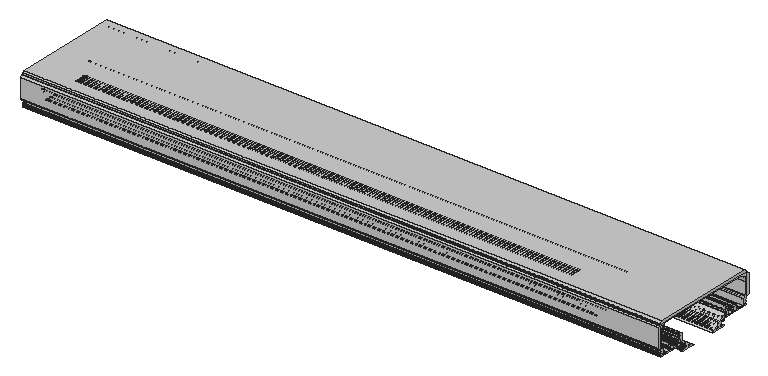
Revit family "ALS-H09", category Electrical Fixtures, host Ceiling, Revit 2018
Family settings
  Host = Ceiling
  Maintain Annotation Orientation = No
  Round Connector Dimension = Use Diameter
  Part Type = Normal
  Always vertical = Yes
  Cut with Voids When Loaded = No
  Shared = No
  Room Calculation Point = No
Parameters (values of type "ALS-H09_12 FEET-UF")
  MATERIAL = UF-UNFINISHED MILL
  Busrun Length = 12' - 0"
Reference planes (in)
  plane 1 "Center (Front/Back)": y = 0
  plane 2: z = 0
  plane 3 "Center (Left/Right)": x = 0
  plane 4 "Ceiling": z = 157.48031
  plane 5: x = -72
  plane 6: x = 72
  plane 7: x = -60
  plane 8: x = 60
Lines and regions (in)
  Opening 1
    outline origin (0, 0, 157.48031) x (1, 0, 0) y (0, 1, 0)
      loop
        line (-72, 2.72828) -> (-72, -2.72828) -> (72, -2.72828) -> (72, 2.72828) -> (-72, 2.72828)
Dimensions and locks (in)
  equal spacing: host sketch curve, plane 3 "Center (Left/Right)", host sketch curve
  equal spacing: host sketch curve, plane 1 "Center (Front/Back)", host sketch curve
  host sketch curve to host sketch curve = 13' - 1.48031"  (x2)
  plane 4 "Ceiling" to host ceiling = 0' - 0"
  equal spacing: plane 5, plane 3 "Center (Left/Right)", plane 6
  plane 5 to plane 6 = 12' - 0"
  "Busrun Length": plane 5 to plane 6
  equal spacing: plane 7, plane 3 "Center (Left/Right)", plane 8
  plane 7 to plane 8 = 10' - 0"
  aligned and locked: nested 1 to plane 1 "Center (Front/Back)"
  aligned and locked: plane 3 "Center (Left/Right)" to nested 1
  aligned and locked: nested 1 to plane 6
  aligned and locked: nested 1 to plane 5
  aligned and locked: Opening 1 sketch curve to plane 5
  aligned and locked: plane 6 to Opening 1 sketch curve
  aligned and locked: Opening 1 sketch curve to nested 1  (x2)
Nested families (in)
  nested 1: "ALSH09-BUS" at (0, 0, 157.48031), type "ALSH09-BUS"
Definition of nested family "ALSH09-BUS"
  Parameters (values of type "ALSH09-BUS")
    Busrun Material = none
    Busrun Length = 12' - 0"
  Reference planes (in)
    plane 1 "Center (Front/Back)": y = 0
    plane 2: z = 0
    plane 3 "Center (Left/Right)": x = 0
    plane 4: x = -72
    plane 5: x = 72
  Forms (in)
    Extrusion 1, solid, material <- "Busrun Material"
      sketch origin (0, 0, -0.12912) x (0, 1, 0) y (0, 0, 1)
        loop
          line (6.19999, 2.56004) -> (2.72828, 0.12912) -> (2.90263, 0.12912) -> (3.01974, 0.21112) -> (3.07, 0.21112)
          arc (3.07, 0.21112) -> (3.09, 0.19112) -> (3.11, 0.21112) r 0.02
          line (3.11, 0.21112) -> (3.15, 0.21112)
          arc (3.15, 0.21112) -> (3.17, 0.19112) -> (3.19, 0.21112) r 0.02
          line (3.19, 0.21112) -> (3.23, 0.21112)
          arc (3.23, 0.21112) -> (3.25, 0.19112) -> (3.27, 0.21112) r 0.02
          line (3.27, 0.21112) -> (3.31, 0.21112)
          arc (3.31, 0.21112) -> (3.33, 0.19112) -> (3.35, 0.21112) r 0.02
          line (3.35, 0.21112) -> (3.39, 0.21112)
          arc (3.39, 0.21112) -> (3.41, 0.19112) -> (3.43, 0.21112) r 0.02
          line (3.43, 0.21112) -> (3.47, 0.21112)
          arc (3.47, 0.21112) -> (3.49, 0.19112) -> (3.51, 0.21112) r 0.02
          line (3.51, 0.21112) -> (3.55, 0.21112)
          arc (3.55, 0.21112) -> (3.57, 0.19112) -> (3.59, 0.21112) r 0.02
          line (3.59, 0.21112) -> (3.63, 0.21112)
          arc (3.63, 0.21112) -> (3.65, 0.19112) -> (3.67, 0.21112) r 0.02
          line (3.67, 0.21112) -> (3.71, 0.21112)
          arc (3.71, 0.21112) -> (3.73, 0.19112) -> (3.75, 0.21112) r 0.02
          line (3.75, 0.21112) -> (3.79, 0.21112)
          arc (3.79, 0.21112) -> (3.81, 0.19112) -> (3.83, 0.21112) r 0.02
          line (3.83, 0.21112) -> (3.87, 0.21112)
          arc (3.87, 0.21112) -> (3.89, 0.19112) -> (3.91, 0.21112) r 0.02
          line (3.91, 0.21112) -> (3.95, 0.21112)
          arc (3.95, 0.21112) -> (3.97, 0.19112) -> (3.99, 0.21112) r 0.02
          line (3.99, 0.21112) -> (4.03, 0.21112)
          arc (4.03, 0.21112) -> (4.05, 0.19112) -> (4.07, 0.21112) r 0.02
          line (4.07, 0.21112) -> (4.11, 0.21112)
          arc (4.11, 0.21112) -> (4.13, 0.19112) -> (4.15, 0.21112) r 0.02
          line (4.15, 0.21112) -> (4.19, 0.21112)
          arc (4.19, 0.21112) -> (4.21, 0.19112) -> (4.23, 0.21112) r 0.02
          line (4.23, 0.21112) -> (4.27, 0.21112)
          arc (4.27, 0.21112) -> (4.29, 0.19112) -> (4.31, 0.21112) r 0.02
          line (4.31, 0.21112) -> (4.35, 0.21112)
          arc (4.35, 0.21112) -> (4.37, 0.19112) -> (4.39, 0.21112) r 0.02
          line (4.39, 0.21112) -> (4.43, 0.21112)
          arc (4.43, 0.21112) -> (4.45, 0.19112) -> (4.47, 0.21112) r 0.02
          line (4.47, 0.21112) -> (4.51, 0.21112)
          arc (4.51, 0.21112) -> (4.53, 0.19112) -> (4.55, 0.21112) r 0.02
          line (4.55, 0.21112) -> (4.59, 0.21112)
          arc (4.59, 0.21112) -> (4.61, 0.19112) -> (4.63, 0.21112) r 0.02
          line (4.63, 0.21112) -> (4.67, 0.21112)
          arc (4.67, 0.21112) -> (4.69, 0.19112) -> (4.71, 0.21112) r 0.02
          line (4.71, 0.21112) -> (4.75, 0.21112)
          arc (4.75, 0.21112) -> (4.77, 0.19112) -> (4.79, 0.21112) r 0.02
          line (4.79, 0.21112) -> (4.83, 0.21112)
          arc (4.83, 0.21112) -> (4.85, 0.19112) -> (4.87, 0.21112) r 0.02
          line (4.87, 0.21112) -> (4.91, 0.21112)
          arc (4.91, 0.21112) -> (4.93, 0.19112) -> (4.95, 0.21112) r 0.02
          line (4.95, 0.21112) -> (4.99, 0.21112)
          arc (4.99, 0.21112) -> (5.01, 0.19112) -> (5.03, 0.21112) r 0.02
          line (5.03, 0.21112) -> (5.07, 0.21112)
          arc (5.07, 0.21112) -> (5.09, 0.19112) -> (5.11, 0.21112) r 0.02
          line (5.11, 0.21112) -> (5.15, 0.21112)
          arc (5.15, 0.21112) -> (5.17, 0.19112) -> (5.19, 0.21112) r 0.02
          line (5.19, 0.21112) -> (5.23, 0.21112)
          arc (5.23, 0.21112) -> (5.25, 0.19112) -> (5.27, 0.21112) r 0.02
          line (5.27, 0.21112) -> (5.31, 0.21112)
          arc (5.31, 0.21112) -> (5.33, 0.19112) -> (5.35, 0.21112) r 0.02
          line (5.35, 0.21112) -> (5.39, 0.21112)
          arc (5.39, 0.21112) -> (5.41, 0.19112) -> (5.43, 0.21112) r 0.02
          line (5.43, 0.21112) -> (5.47, 0.21112)
          arc (5.47, 0.21112) -> (5.49, 0.19112) -> (5.51, 0.21112) r 0.02
          line (5.51, 0.21112) -> (5.55, 0.21112)
          arc (5.55, 0.21112) -> (5.57, 0.19112) -> (5.59, 0.21112) r 0.02
          line (5.59, 0.21112) -> (5.63, 0.21112)
          arc (5.63, 0.21112) -> (5.65, 0.19112) -> (5.67, 0.21112) r 0.02
          line (5.67, 0.21112) -> (5.71, 0.21112)
          arc (5.71, 0.21112) -> (5.73, 0.19112) -> (5.75001, 0.21112) r 0.02
          line (5.75001, 0.21112) -> (5.75001, 0.31614)
          arc (5.75001, 0.31614) -> (5.74415, 0.33029) -> (5.72999, 0.33616) r 0.02002
          line (5.72999, 0.33616) -> (5.68993, 0.33616)
          arc (5.68993, 0.33616) -> (5.67563, 0.33028) -> (5.6697, 0.316) r 0.02015
          arc (5.6697, 0.316) -> (5.66596, 0.29878) -> (5.65011, 0.29108) r 0.02016
          line (5.65011, 0.29108) -> (4.841, 0.29108)
          arc (4.841, 0.29108) -> (4.82685, 0.29694) -> (4.82099, 0.31109) r 0.02001
          line (4.82099, 0.31109) -> (4.82099, 0.43112) -> (4.761, 0.43112) -> (4.761, 0.29112) -> (4.571, 0.29112) -> (4.571, 1.29733) -> (4.71907, 1.40101)
          arc (4.71907, 1.40101) -> (4.73402, 1.40433) -> (4.74693, 1.3961) r 0.02
          line (4.74693, 1.3961) -> (4.83297, 1.27323)
          arc (4.83297, 1.27323) -> (4.83628, 1.25827) -> (4.82804, 1.24536) r 0.02
          line (4.82804, 1.24536) -> (4.761, 1.19842) -> (4.761, 1.13112) -> (4.7088, 1.13112) -> (4.7088, 1.07112) -> (4.761, 1.07112) -> (4.761, 0.93112) -> (4.821, 0.93112) -> (4.821, 1.16719) -> (5.05907, 1.33388) -> (5.02465, 1.38303) -> (4.92635, 1.3142)
          arc (4.92635, 1.3142) -> (4.91141, 1.31089) -> (4.8985, 1.31911) r 0.02
          line (4.8985, 1.31911) -> (4.81246, 1.44199)
          arc (4.81246, 1.44199) -> (4.80915, 1.45693) -> (4.81737, 1.46984) r 0.02
          line (4.81737, 1.46984) -> (5.43993, 1.90576) -> (5.53739, 1.76657)
          arc (5.53739, 1.76657) -> (5.54076, 1.7516) -> (5.53252, 1.73865) r 0.02
          line (5.53252, 1.73865) -> (5.43423, 1.66982) -> (5.46864, 1.62067) -> (5.6232, 1.7289) -> (5.6232, 1.78349) -> (5.51697, 1.93521)
          arc (5.51697, 1.93521) -> (5.51361, 1.95014) -> (5.52179, 1.96308) r 0.02
          line (5.52179, 1.96308) -> (5.64743, 2.05105) -> (5.741, 2.05105)
          arc (5.741, 2.05105) -> (5.75514, 2.04519) -> (5.761, 2.03104) r 0.02001
          line (5.761, 2.03104) -> (5.761, 1.82107)
          arc (5.761, 1.82107) -> (5.801, 1.78107) -> (5.841, 1.82107) r 0.04
          line (5.841, 1.82107) -> (5.841, 2.03112)
          arc (5.841, 2.03112) -> (5.84688, 2.04523) -> (5.861, 2.05107) r 0.02
          line (5.861, 2.05107) -> (6.51005, 2.05107)
          arc (6.51005, 2.05107) -> (6.55, 2.09109) -> (6.51, 2.13107) r 0.04
          line (6.51, 2.13107) -> (5.82518, 2.13107)
          arc (5.82518, 2.13107) -> (5.80606, 2.14504) -> (5.81368, 2.16746) r 0.02
          line (5.81368, 2.16746) -> (6.3, 2.50799) -> (6.3, 2.59099)
          arc (6.3, 2.59099) -> (6.30583, 2.60518) -> (6.32, 2.61107) r 0.02
          arc (6.32, 2.61107) -> (6.35999, 2.65106) -> (6.32, 2.69105) r 0.03999
          arc (6.32, 2.69105) -> (6.30587, 2.6969) -> (6.30002, 2.71103) r 0.01999
          line (6.30002, 2.71103) -> (6.30002, 3.04114)
          arc (6.30002, 3.04114) -> (6.3059, 3.05524) -> (6.32003, 3.06107) r 0.02001
          line (6.32003, 3.06107) -> (6.44992, 3.06107)
          arc (6.44992, 3.06107) -> (6.46412, 3.05524) -> (6.47, 3.04107) r 0.02
          line (6.47, 3.04107) -> (6.47, 2.85099)
          arc (6.47, 2.85099) -> (6.51005, 2.81109) -> (6.55, 2.85109) r 0.04
          line (6.55, 2.85109) -> (6.55, 3.28107) -> (6.49002, 3.28107) -> (6.49002, 3.16106)
          arc (6.49002, 3.16106) -> (6.48416, 3.14691) -> (6.47002, 3.14105) r 0.02001
          line (6.47002, 3.14105) -> (6.31996, 3.14105)
          arc (6.31996, 3.14105) -> (6.30585, 3.14692) -> (6.30001, 3.16104) r 0.01999
          line (6.30001, 3.16104) -> (6.30001, 3.92107) -> (6.49, 3.92107) -> (6.49, 3.78107) -> (6.55, 3.78107) -> (6.55, 3.98103)
          arc (6.55, 3.98103) -> (6.54415, 3.99519) -> (6.53, 4.00105) r 0.01999
          line (6.53, 4.00105) -> (6.22, 4.00105)
          arc (6.22, 4.00105) -> (6.20585, 3.99519) -> (6.19999, 3.98104) r 0.02001
          line (6.19999, 3.98104) -> (6.19999, 2.56004)
        loop
          arc (4.31692, 0.73775) -> (4.30723, 0.7516) -> (4.31161, 0.76793) r 0.02
          arc (4.31161, 0.76793) -> (4.38142, 0.81188) -> (4.46377, 0.807) r 0.135
          arc (4.46377, 0.807) -> (4.4823, 0.80915) -> (4.491, 0.82565) r 0.02
          line (4.491, 0.82565) -> (4.491, 1.20289)
          arc (4.491, 1.20289) -> (4.48023, 1.22063) -> (4.45953, 1.21928) r 0.02
          line (4.45953, 1.21928) -> (3.18595, 0.32751)
          arc (3.18595, 0.32751) -> (3.17835, 0.30511) -> (3.19742, 0.29112) r 0.02
          line (3.19742, 0.29112) -> (4.471, 0.29112)
          arc (4.471, 0.29112) -> (4.48514, 0.29698) -> (4.491, 0.31112) r 0.02
          line (4.491, 0.31112) -> (4.491, 0.53659)
          arc (4.491, 0.53659) -> (4.4823, 0.55309) -> (4.46377, 0.55524) r 0.02
          arc (4.46377, 0.55524) -> (4.38142, 0.55037) -> (4.31161, 0.59432) r 0.135
          arc (4.31161, 0.59432) -> (4.30723, 0.61065) -> (4.31692, 0.6245) r 0.02
          arc (4.31692, 0.6245) -> (4.33648, 0.639) -> (4.3594, 0.63079) r 0.02581
          arc (4.3594, 0.63079) -> (4.49, 0.68112) -> (4.3594, 0.73146) r 0.075
          arc (4.3594, 0.73146) -> (4.33648, 0.72325) -> (4.31692, 0.73775) r 0.02581
        loop
          arc (6.88184, 2.33146) -> (6.89817, 2.33584) -> (6.90531, 2.35116) r 0.02
          arc (6.90531, 2.35116) -> (6.90309, 2.37549) -> (6.89653, 2.39903) r 0.135
          arc (6.89653, 2.39903) -> (6.89876, 2.41749) -> (6.91523, 2.42613) r 0.02
          line (6.91523, 2.42613) -> (6.99736, 2.42613)
          arc (6.99736, 2.42613) -> (7.01148, 2.43201) -> (7.01733, 2.44615) r 0.02001
          line (7.01733, 2.44615) -> (7.01733, 2.48606)
          arc (7.01733, 2.48606) -> (7.0115, 2.50024) -> (6.99733, 2.50612) r 0.02
          line (6.99733, 2.50612) -> (6.71532, 2.50612)
          arc (6.71532, 2.50612) -> (6.70118, 2.51198) -> (6.69532, 2.52612) r 0.02
          line (6.69532, 2.52612) -> (6.69532, 2.55912)
          arc (6.69532, 2.55912) -> (6.70118, 2.57327) -> (6.71533, 2.57913) r 0.02001
          line (6.71533, 2.57913) -> (6.79331, 2.57913)
          arc (6.79331, 2.57913) -> (6.80745, 2.58499) -> (6.8133, 2.59912) r 0.01999
          line (6.8133, 2.59912) -> (6.8133, 3.48912)
          arc (6.8133, 3.48912) -> (6.80744, 3.50326) -> (6.79329, 3.50912) r 0.02001
          line (6.79329, 3.50912) -> (6.73325, 3.50912)
          arc (6.73325, 3.50912) -> (6.71915, 3.50323) -> (6.71331, 3.48911) r 0.02001
          line (6.71331, 3.48911) -> (6.71331, 2.69912)
          arc (6.71331, 2.69912) -> (6.70745, 2.68498) -> (6.69331, 2.67912) r 0.02
          line (6.69331, 2.67912) -> (6.48031, 2.67912)
          arc (6.48031, 2.67912) -> (6.46617, 2.68497) -> (6.46032, 2.69911) r 0.01999
          line (6.46032, 2.69911) -> (6.46032, 3.00112)
          arc (6.46032, 3.00112) -> (6.41532, 3.04613) -> (6.37031, 3.00112) r 0.045
          line (6.37031, 3.00112) -> (6.37031, 2.59912)
          arc (6.37031, 2.59912) -> (6.37617, 2.58497) -> (6.39032, 2.57911) r 0.02001
          line (6.39032, 2.57911) -> (6.57536, 2.57911)
          arc (6.57536, 2.57911) -> (6.58948, 2.57323) -> (6.59532, 2.5591) r 0.02001
          line (6.59532, 2.5591) -> (6.59532, 2.06106)
          arc (6.59532, 2.06106) -> (6.58944, 2.04696) -> (6.57532, 2.04112) r 0.02
          line (6.57532, 2.04112) -> (5.87128, 2.04112)
          arc (5.87128, 2.04112) -> (5.85716, 2.03525) -> (5.85132, 2.02112) r 0.02
          line (5.85132, 2.02112) -> (5.85132, 1.79105)
          arc (5.85132, 1.79105) -> (5.84544, 1.77696) -> (5.83132, 1.77112) r 0.02
          line (5.83132, 1.77112) -> (5.77132, 1.77112)
          arc (5.77132, 1.77112) -> (5.75718, 1.77698) -> (5.75132, 1.79113) r 0.02
          line (5.75132, 1.79113) -> (5.75132, 2.00122)
          arc (5.75132, 2.00122) -> (5.71127, 2.04112) -> (5.67132, 2.00112) r 0.04
          line (5.67132, 2.00112) -> (5.67132, 1.21113)
          arc (5.67132, 1.21113) -> (5.67717, 1.19699) -> (5.69131, 1.19114) r 0.01999
          line (5.69131, 1.19114) -> (5.73131, 1.19114)
          arc (5.73131, 1.19114) -> (5.74546, 1.197) -> (5.75132, 1.21115) r 0.02001
          line (5.75132, 1.21115) -> (5.75132, 1.67112)
          arc (5.75132, 1.67112) -> (5.75718, 1.68526) -> (5.77132, 1.69112) r 0.02
          line (5.77132, 1.69112) -> (6.09131, 1.69112) -> (6.09131, 1.75112) -> (5.95131, 1.75112) -> (5.95131, 1.94112) -> (6.73131, 1.94112) -> (6.73131, 1.75112) -> (6.59131, 1.75112) -> (6.59131, 1.69112) -> (8.67131, 1.69112) -> (8.67131, 1.87291) -> (8.77304, 2.0491) -> (9.05535, 2.0491)
          arc (9.05535, 2.0491) -> (9.06947, 2.04323) -> (9.07532, 2.02909) r 0.02001
          line (9.07532, 2.02909) -> (9.07532, 1.71112)
          arc (9.07532, 1.71112) -> (9.08118, 1.69698) -> (9.09532, 1.69113) r 0.02
          line (9.09532, 1.69113) -> (12.00031, 1.69113) -> (12.00031, 1.81612) -> (11.92095, 1.81612) -> (11.92095, 1.75612) -> (11.50031, 1.75612) -> (11.50031, 2.64112) -> (11.65031, 2.64112) -> (11.65031, 2.24913) -> (12.00031, 2.24913) -> (12.00031, 2.46912) -> (11.94031, 2.46912) -> (11.94031, 2.32912) -> (11.75031, 2.32912) -> (11.75031, 3.10912) -> (11.94031, 3.10912) -> (11.94031, 2.96912) -> (12.00031, 2.96912) -> (12.00031, 3.18912) -> (11.73031, 3.18912) -> (11.73031, 3.31412) -> (12.00031, 3.31412) -> (12.00031, 3.39538) -> (11.73031, 3.39538) -> (11.73031, 3.55286) -> (12.00031, 3.55286) -> (12.00031, 3.63412) -> (11.65031, 3.63412) -> (11.65031, 2.74112) -> (11.48031, 2.74112) -> (11.48031, 2.9822) -> (11.43769, 3.05603)
          arc (11.43769, 3.05603) -> (11.41516, 3.06536) -> (11.40031, 3.04602) r 0.02003
          line (11.40031, 3.04602) -> (11.40031, 1.79112) -> (10.39781, 1.79112) -> (10.39781, 1.85612) -> (10.33781, 1.85612) -> (10.33781, 1.75612) -> (10.23781, 1.75612) -> (10.23781, 1.85612) -> (10.17781, 1.85612) -> (10.17781, 1.79111) -> (9.19531, 1.79111)
          arc (9.19531, 1.79111) -> (9.18118, 1.79696) -> (9.17532, 1.8111) r 0.01999
          line (9.17532, 1.8111) -> (9.17532, 2.12912)
          arc (9.17532, 2.12912) -> (9.16947, 2.14325) -> (9.15534, 2.14911) r 0.01999
          line (9.15534, 2.14911) -> (9.05531, 2.14911)
          arc (9.05531, 2.14911) -> (9.04118, 2.15496) -> (9.03532, 2.16909) r 0.01999
          line (9.03532, 2.16909) -> (9.03532, 2.40603)
          arc (9.03532, 2.40603) -> (9.04115, 2.42023) -> (9.05532, 2.42612) r 0.02
          line (9.05532, 2.42612) -> (9.15526, 2.42612)
          arc (9.15526, 2.42612) -> (9.16944, 2.43196) -> (9.17531, 2.44612) r 0.02
          line (9.17531, 2.44612) -> (9.17531, 3.04612)
          arc (9.17531, 3.04612) -> (9.16044, 3.06546) -> (9.13794, 3.05603) r 0.02
          line (9.13794, 3.05603) -> (9.09531, 2.9822) -> (9.09531, 2.50612) -> (8.95406, 2.50612) -> (8.95406, 2.16912)
          arc (8.95406, 2.16912) -> (8.9482, 2.15497) -> (8.93405, 2.14911) r 0.02001
          line (8.93405, 2.14911) -> (8.81657, 2.14911)
          arc (8.81657, 2.14911) -> (8.80244, 2.15496) -> (8.79659, 2.16909) r 0.01998
          line (8.79659, 2.16909) -> (8.79659, 2.50612) -> (8.71531, 2.50612) -> (8.71531, 2.14912) -> (8.57131, 1.89971) -> (8.57131, 1.79112) -> (7.15631, 1.79112) -> (7.15631, 1.89971) -> (7.03205, 2.11494) -> (6.98009, 2.08494) -> (7.09632, 1.88363) -> (7.09632, 1.81112)
          arc (7.09632, 1.81112) -> (7.09046, 1.79698) -> (7.07631, 1.79112) r 0.02
          line (7.07631, 1.79112) -> (6.85131, 1.79112)
          arc (6.85131, 1.79112) -> (6.83716, 1.79698) -> (6.8313, 1.81113) r 0.02
          line (6.8313, 1.81113) -> (6.8313, 2.02113)
          arc (6.8313, 2.02113) -> (6.82545, 2.03528) -> (6.8113, 2.04113) r 0.02
          line (6.8113, 2.04113) -> (6.71531, 2.04113)
          arc (6.71531, 2.04113) -> (6.70117, 2.04699) -> (6.69532, 2.06113) r 0.01999
          line (6.69532, 2.06113) -> (6.69532, 2.20621)
          arc (6.69532, 2.20621) -> (6.70396, 2.22267) -> (6.72241, 2.22491) r 0.02
          arc (6.72241, 2.22491) -> (6.75761, 2.21672) -> (6.79372, 2.21817) r 0.135
          arc (6.79372, 2.21817) -> (6.80757, 2.22786) -> (6.80905, 2.24471) r 0.02
          arc (6.80905, 2.24471) -> (6.79975, 2.26715) -> (6.7773, 2.27645) r 0.03174
          arc (6.7773, 2.27645) -> (6.71393, 2.40057) -> (6.84526, 2.35394) r 0.075
          arc (6.84526, 2.35394) -> (6.85754, 2.33292) -> (6.88184, 2.33146) r 0.02581
        loop
          line (-6.19999, 2.56004) -> (-6.19999, 3.98104)
          arc (-6.19999, 3.98104) -> (-6.20585, 3.99519) -> (-6.22001, 4.00105) r 0.02001
          line (-6.22001, 4.00105) -> (-6.53, 4.00105)
          arc (-6.53, 4.00105) -> (-6.54415, 3.99519) -> (-6.55, 3.98103) r 0.01999
          line (-6.55, 3.98103) -> (-6.55, 3.78107) -> (-6.49, 3.78107) -> (-6.49, 3.92107) -> (-6.30001, 3.92107) -> (-6.30001, 3.16104)
          arc (-6.30001, 3.16104) -> (-6.30585, 3.14692) -> (-6.31996, 3.14105) r 0.01999
          line (-6.31996, 3.14105) -> (-6.47002, 3.14105)
          arc (-6.47002, 3.14105) -> (-6.48416, 3.14691) -> (-6.49002, 3.16106) r 0.02001
          line (-6.49002, 3.16106) -> (-6.49002, 3.28107) -> (-6.55, 3.28107) -> (-6.55, 2.85109)
          arc (-6.55, 2.85109) -> (-6.51005, 2.81109) -> (-6.47, 2.85099) r 0.04
          line (-6.47, 2.85099) -> (-6.47, 3.04107)
          arc (-6.47, 3.04107) -> (-6.46412, 3.05524) -> (-6.44992, 3.06107) r 0.02
          line (-6.44992, 3.06107) -> (-6.32003, 3.06107)
          arc (-6.32003, 3.06107) -> (-6.3059, 3.05524) -> (-6.30002, 3.04114) r 0.02001
          line (-6.30002, 3.04114) -> (-6.30002, 2.71103)
          arc (-6.30002, 2.71103) -> (-6.30587, 2.6969) -> (-6.32, 2.69105) r 0.01999
          arc (-6.32, 2.69105) -> (-6.35999, 2.65106) -> (-6.32, 2.61107) r 0.03999
          arc (-6.32, 2.61107) -> (-6.30583, 2.60518) -> (-6.3, 2.59099) r 0.02
          line (-6.3, 2.59099) -> (-6.3, 2.50799) -> (-5.81368, 2.16746)
          arc (-5.81368, 2.16746) -> (-5.80606, 2.14504) -> (-5.82518, 2.13107) r 0.02
          line (-5.82518, 2.13107) -> (-6.51, 2.13107)
          arc (-6.51, 2.13107) -> (-6.55, 2.09109) -> (-6.51005, 2.05107) r 0.04
          line (-6.51005, 2.05107) -> (-5.861, 2.05107)
          arc (-5.861, 2.05107) -> (-5.84688, 2.04523) -> (-5.841, 2.03112) r 0.02
          line (-5.841, 2.03112) -> (-5.841, 1.82107)
          arc (-5.841, 1.82107) -> (-5.801, 1.78107) -> (-5.761, 1.82107) r 0.04
          line (-5.761, 1.82107) -> (-5.761, 2.03104)
          arc (-5.761, 2.03104) -> (-5.75514, 2.04519) -> (-5.741, 2.05105) r 0.02001
          line (-5.741, 2.05105) -> (-5.64743, 2.05105) -> (-5.52179, 1.96308)
          arc (-5.52179, 1.96308) -> (-5.51361, 1.95014) -> (-5.51697, 1.93521) r 0.02
          line (-5.51697, 1.93521) -> (-5.6232, 1.78349) -> (-5.6232, 1.7289) -> (-5.46864, 1.62067) -> (-5.43423, 1.66982) -> (-5.53252, 1.73865)
          arc (-5.53252, 1.73865) -> (-5.54076, 1.7516) -> (-5.53739, 1.76657) r 0.02
          line (-5.53739, 1.76657) -> (-5.43993, 1.90576) -> (-4.81737, 1.46984)
          arc (-4.81737, 1.46984) -> (-4.80915, 1.45693) -> (-4.81246, 1.44199) r 0.02
          line (-4.81246, 1.44199) -> (-4.8985, 1.31911)
          arc (-4.8985, 1.31911) -> (-4.91141, 1.31089) -> (-4.92635, 1.3142) r 0.02
          line (-4.92635, 1.3142) -> (-5.02465, 1.38303) -> (-5.05907, 1.33388) -> (-4.821, 1.16719) -> (-4.821, 0.93112) -> (-4.761, 0.93112) -> (-4.761, 1.07112) -> (-4.7088, 1.07112) -> (-4.7088, 1.13112) -> (-4.761, 1.13112) -> (-4.761, 1.19842) -> (-4.82804, 1.24536)
          arc (-4.82804, 1.24536) -> (-4.83628, 1.25827) -> (-4.83297, 1.27323) r 0.02
          line (-4.83297, 1.27323) -> (-4.74693, 1.3961)
          arc (-4.74693, 1.3961) -> (-4.73402, 1.40433) -> (-4.71907, 1.40101) r 0.02
          line (-4.71907, 1.40101) -> (-4.571, 1.29733) -> (-4.571, 0.29112) -> (-4.761, 0.29112) -> (-4.761, 0.43112) -> (-4.82099, 0.43112) -> (-4.82099, 0.31109)
          arc (-4.82099, 0.31109) -> (-4.82686, 0.29694) -> (-4.84101, 0.29108) r 0.02001
          line (-4.84101, 0.29108) -> (-5.65011, 0.29108)
          arc (-5.65011, 0.29108) -> (-5.66596, 0.29878) -> (-5.6697, 0.316) r 0.02016
          arc (-5.6697, 0.316) -> (-5.67563, 0.33028) -> (-5.68993, 0.33616) r 0.02015
          line (-5.68993, 0.33616) -> (-5.72999, 0.33616)
          arc (-5.72999, 0.33616) -> (-5.74415, 0.33029) -> (-5.75001, 0.31614) r 0.02002
          line (-5.75001, 0.31614) -> (-5.75001, 0.21112)
          arc (-5.75001, 0.21112) -> (-5.73, 0.19112) -> (-5.71, 0.21112) r 0.02
          line (-5.71, 0.21112) -> (-5.67, 0.21112)
          arc (-5.67, 0.21112) -> (-5.65, 0.19112) -> (-5.63, 0.21112) r 0.02
          line (-5.63, 0.21112) -> (-5.59, 0.21112)
          arc (-5.59, 0.21112) -> (-5.57, 0.19112) -> (-5.55, 0.21112) r 0.02
          line (-5.55, 0.21112) -> (-5.51, 0.21112)
          arc (-5.51, 0.21112) -> (-5.49, 0.19112) -> (-5.47, 0.21112) r 0.02
          line (-5.47, 0.21112) -> (-5.43, 0.21112)
          arc (-5.43, 0.21112) -> (-5.41, 0.19112) -> (-5.39, 0.21112) r 0.02
          line (-5.39, 0.21112) -> (-5.35, 0.21112)
          arc (-5.35, 0.21112) -> (-5.33, 0.19112) -> (-5.31, 0.21112) r 0.02
          line (-5.31, 0.21112) -> (-5.27, 0.21112)
          arc (-5.27, 0.21112) -> (-5.25, 0.19112) -> (-5.23, 0.21112) r 0.02
          line (-5.23, 0.21112) -> (-5.19, 0.21112)
          arc (-5.19, 0.21112) -> (-5.17, 0.19112) -> (-5.15, 0.21112) r 0.02
          line (-5.15, 0.21112) -> (-5.11, 0.21112)
          arc (-5.11, 0.21112) -> (-5.09, 0.19112) -> (-5.07, 0.21112) r 0.02
          line (-5.07, 0.21112) -> (-5.03, 0.21112)
          arc (-5.03, 0.21112) -> (-5.01, 0.19112) -> (-4.99, 0.21112) r 0.02
          line (-4.99, 0.21112) -> (-4.95, 0.21112)
          arc (-4.95, 0.21112) -> (-4.93, 0.19112) -> (-4.91, 0.21112) r 0.02
          line (-4.91, 0.21112) -> (-4.87, 0.21112)
          arc (-4.87, 0.21112) -> (-4.85, 0.19112) -> (-4.83, 0.21112) r 0.02
          line (-4.83, 0.21112) -> (-4.79, 0.21112)
          arc (-4.79, 0.21112) -> (-4.77, 0.19112) -> (-4.75, 0.21112) r 0.02
          line (-4.75, 0.21112) -> (-4.71, 0.21112)
          arc (-4.71, 0.21112) -> (-4.69, 0.19112) -> (-4.67, 0.21112) r 0.02
          line (-4.67, 0.21112) -> (-4.63, 0.21112)
          arc (-4.63, 0.21112) -> (-4.61, 0.19112) -> (-4.59, 0.21112) r 0.02
          line (-4.59, 0.21112) -> (-4.55, 0.21112)
          arc (-4.55, 0.21112) -> (-4.53, 0.19112) -> (-4.51, 0.21112) r 0.02
          line (-4.51, 0.21112) -> (-4.47, 0.21112)
          arc (-4.47, 0.21112) -> (-4.45, 0.19112) -> (-4.43, 0.21112) r 0.02
          line (-4.43, 0.21112) -> (-4.39, 0.21112)
          arc (-4.39, 0.21112) -> (-4.37, 0.19112) -> (-4.35, 0.21112) r 0.02
          line (-4.35, 0.21112) -> (-4.31, 0.21112)
          arc (-4.31, 0.21112) -> (-4.29, 0.19112) -> (-4.27, 0.21112) r 0.02
          line (-4.27, 0.21112) -> (-4.23, 0.21112)
          arc (-4.23, 0.21112) -> (-4.21, 0.19112) -> (-4.19, 0.21112) r 0.02
          line (-4.19, 0.21112) -> (-4.15, 0.21112)
          arc (-4.15, 0.21112) -> (-4.13, 0.19112) -> (-4.11, 0.21112) r 0.02
          line (-4.11, 0.21112) -> (-4.07, 0.21112)
          arc (-4.07, 0.21112) -> (-4.05, 0.19112) -> (-4.03, 0.21112) r 0.02
          line (-4.03, 0.21112) -> (-3.99, 0.21112)
          arc (-3.99, 0.21112) -> (-3.97, 0.19112) -> (-3.95, 0.21112) r 0.02
          line (-3.95, 0.21112) -> (-3.91, 0.21112)
          arc (-3.91, 0.21112) -> (-3.89, 0.19112) -> (-3.87, 0.21112) r 0.02
          line (-3.87, 0.21112) -> (-3.83, 0.21112)
          arc (-3.83, 0.21112) -> (-3.81, 0.19112) -> (-3.79, 0.21112) r 0.02
          line (-3.79, 0.21112) -> (-3.75, 0.21112)
          arc (-3.75, 0.21112) -> (-3.73, 0.19112) -> (-3.71, 0.21112) r 0.02
          line (-3.71, 0.21112) -> (-3.67, 0.21112)
          arc (-3.67, 0.21112) -> (-3.65, 0.19112) -> (-3.63, 0.21112) r 0.02
          line (-3.63, 0.21112) -> (-3.59, 0.21112)
          arc (-3.59, 0.21112) -> (-3.57, 0.19112) -> (-3.55, 0.21112) r 0.02
          line (-3.55, 0.21112) -> (-3.51, 0.21112)
          arc (-3.51, 0.21112) -> (-3.49, 0.19112) -> (-3.47, 0.21112) r 0.02
          line (-3.47, 0.21112) -> (-3.43, 0.21112)
          arc (-3.43, 0.21112) -> (-3.41, 0.19112) -> (-3.39, 0.21112) r 0.02
          line (-3.39, 0.21112) -> (-3.35, 0.21112)
          arc (-3.35, 0.21112) -> (-3.33, 0.19112) -> (-3.31, 0.21112) r 0.02
          line (-3.31, 0.21112) -> (-3.27, 0.21112)
          arc (-3.27, 0.21112) -> (-3.25, 0.19112) -> (-3.23, 0.21112) r 0.02
          line (-3.23, 0.21112) -> (-3.19, 0.21112)
          arc (-3.19, 0.21112) -> (-3.17, 0.19112) -> (-3.15, 0.21112) r 0.02
          line (-3.15, 0.21112) -> (-3.11, 0.21112)
          arc (-3.11, 0.21112) -> (-3.09, 0.19112) -> (-3.07, 0.21112) r 0.02
          line (-3.07, 0.21112) -> (-3.01974, 0.21112) -> (-2.90263, 0.12912) -> (-2.72828, 0.12912) -> (-6.19999, 2.56004)
        loop
          arc (-4.31692, 0.73775) -> (-4.33648, 0.72325) -> (-4.3594, 0.73146) r 0.02581
          arc (-4.3594, 0.73146) -> (-4.49, 0.68112) -> (-4.3594, 0.63079) r 0.075
          arc (-4.3594, 0.63079) -> (-4.33648, 0.639) -> (-4.31692, 0.6245) r 0.02581
          arc (-4.31692, 0.6245) -> (-4.30723, 0.61065) -> (-4.31161, 0.59432) r 0.02
          arc (-4.31161, 0.59432) -> (-4.38142, 0.55037) -> (-4.46377, 0.55524) r 0.135
          arc (-4.46377, 0.55524) -> (-4.4823, 0.55309) -> (-4.491, 0.53659) r 0.02
          line (-4.491, 0.53659) -> (-4.491, 0.31112)
          arc (-4.491, 0.31112) -> (-4.48514, 0.29698) -> (-4.471, 0.29112) r 0.02
          line (-4.471, 0.29112) -> (-3.19742, 0.29112)
          arc (-3.19742, 0.29112) -> (-3.17835, 0.30511) -> (-3.18595, 0.32751) r 0.02
          line (-3.18595, 0.32751) -> (-4.45953, 1.21928)
          arc (-4.45953, 1.21928) -> (-4.48023, 1.22063) -> (-4.491, 1.20289) r 0.02
          line (-4.491, 1.20289) -> (-4.491, 0.82565)
          arc (-4.491, 0.82565) -> (-4.4823, 0.80915) -> (-4.46377, 0.807) r 0.02
          arc (-4.46377, 0.807) -> (-4.38142, 0.81188) -> (-4.31161, 0.76793) r 0.135
          arc (-4.31161, 0.76793) -> (-4.30723, 0.7516) -> (-4.31692, 0.73775) r 0.02
        loop
          arc (-6.88184, 2.33146) -> (-6.85754, 2.33292) -> (-6.84526, 2.35394) r 0.02581
          arc (-6.84526, 2.35394) -> (-6.71393, 2.40057) -> (-6.7773, 2.27645) r 0.075
          arc (-6.7773, 2.27645) -> (-6.79975, 2.26715) -> (-6.80905, 2.24471) r 0.03174
          arc (-6.80905, 2.24471) -> (-6.80757, 2.22786) -> (-6.79372, 2.21817) r 0.02
          arc (-6.79372, 2.21817) -> (-6.75761, 2.21672) -> (-6.72241, 2.22491) r 0.135
          arc (-6.72241, 2.22491) -> (-6.70396, 2.22267) -> (-6.69532, 2.20621) r 0.02
          line (-6.69532, 2.20621) -> (-6.69532, 2.06113)
          arc (-6.69532, 2.06113) -> (-6.70117, 2.04699) -> (-6.71531, 2.04113) r 0.01999
          line (-6.71531, 2.04113) -> (-6.8113, 2.04113)
          arc (-6.8113, 2.04113) -> (-6.82545, 2.03528) -> (-6.8313, 2.02113) r 0.02
          line (-6.8313, 2.02113) -> (-6.8313, 1.81113)
          arc (-6.8313, 1.81113) -> (-6.83716, 1.79698) -> (-6.85131, 1.79112) r 0.02
          line (-6.85131, 1.79112) -> (-7.07631, 1.79112)
          arc (-7.07631, 1.79112) -> (-7.09046, 1.79698) -> (-7.09632, 1.81112) r 0.02
          line (-7.09632, 1.81112) -> (-7.09632, 1.88363) -> (-6.98009, 2.08494) -> (-7.03205, 2.11494) -> (-7.15631, 1.89971) -> (-7.15631, 1.79112) -> (-8.57131, 1.79112) -> (-8.57131, 1.89971) -> (-8.71531, 2.14912) -> (-8.71531, 2.50612) -> (-8.79659, 2.50612) -> (-8.79659, 2.16909)
          arc (-8.79659, 2.16909) -> (-8.80244, 2.15496) -> (-8.81657, 2.14911) r 0.01998
          line (-8.81657, 2.14911) -> (-8.93405, 2.14911)
          arc (-8.93405, 2.14911) -> (-8.9482, 2.15497) -> (-8.95406, 2.16911) r 0.02001
          line (-8.95406, 2.16911) -> (-8.95406, 2.50612) -> (-9.09531, 2.50612) -> (-9.09531, 2.9822) -> (-9.13794, 3.05603)
          arc (-9.13794, 3.05603) -> (-9.16044, 3.06546) -> (-9.17531, 3.04612) r 0.02
          line (-9.17531, 3.04612) -> (-9.17531, 2.44612)
          arc (-9.17531, 2.44612) -> (-9.16944, 2.43196) -> (-9.15526, 2.42612) r 0.02
          line (-9.15526, 2.42612) -> (-9.05532, 2.42612)
          arc (-9.05532, 2.42612) -> (-9.04115, 2.42023) -> (-9.03532, 2.40603) r 0.02
          line (-9.03532, 2.40603) -> (-9.03532, 2.16909)
          arc (-9.03532, 2.16909) -> (-9.04117, 2.15496) -> (-9.05531, 2.14911) r 0.01999
          line (-9.05531, 2.14911) -> (-9.15534, 2.14911)
          arc (-9.15534, 2.14911) -> (-9.16947, 2.14325) -> (-9.17532, 2.12912) r 0.01999
          line (-9.17532, 2.12912) -> (-9.17532, 1.8111)
          arc (-9.17532, 1.8111) -> (-9.18118, 1.79696) -> (-9.19531, 1.79111) r 0.01999
          line (-9.19531, 1.79111) -> (-10.17781, 1.79111) -> (-10.17781, 1.85612) -> (-10.23781, 1.85612) -> (-10.23781, 1.75612) -> (-10.33781, 1.75612) -> (-10.33781, 1.85612) -> (-10.39781, 1.85612) -> (-10.39781, 1.79112) -> (-11.40031, 1.79112) -> (-11.40031, 3.04602)
          arc (-11.40031, 3.04602) -> (-11.41516, 3.06536) -> (-11.43769, 3.05603) r 0.02003
          line (-11.43769, 3.05603) -> (-11.48031, 2.9822) -> (-11.48031, 2.74112) -> (-11.65031, 2.74112) -> (-11.65031, 3.63412) -> (-12.00031, 3.63412) -> (-12.00031, 3.55286) -> (-11.73031, 3.55286) -> (-11.73031, 3.39538) -> (-12.00031, 3.39538) -> (-12.00031, 3.31412) -> (-11.73031, 3.31412) -> (-11.73031, 3.18912) -> (-12.00031, 3.18912) -> (-12.00031, 2.96912) -> (-11.94031, 2.96912) -> (-11.94031, 3.10912) -> (-11.75031, 3.10912) -> (-11.75031, 2.32912) -> (-11.94031, 2.32912) -> (-11.94031, 2.46912) -> (-12.00031, 2.46912) -> (-12.00031, 2.24913) -> (-11.65031, 2.24913) -> (-11.65031, 2.64112) -> (-11.50031, 2.64112) -> (-11.50031, 1.75612) -> (-11.92095, 1.75612) -> (-11.92095, 1.81612) -> (-12.00031, 1.81612) -> (-12.00031, 1.69113) -> (-9.09532, 1.69113)
          arc (-9.09532, 1.69113) -> (-9.08118, 1.69698) -> (-9.07532, 1.71112) r 0.02
          line (-9.07532, 1.71112) -> (-9.07532, 2.02909)
          arc (-9.07532, 2.02909) -> (-9.06947, 2.04323) -> (-9.05535, 2.0491) r 0.02001
          line (-9.05535, 2.0491) -> (-8.77304, 2.0491) -> (-8.67131, 1.87291) -> (-8.67131, 1.69112) -> (-6.59131, 1.69112) -> (-6.59131, 1.75112) -> (-6.73131, 1.75112) -> (-6.73131, 1.94112) -> (-5.95131, 1.94112) -> (-5.95131, 1.75112) -> (-6.09131, 1.75112) -> (-6.09131, 1.69112) -> (-5.77132, 1.69112)
          arc (-5.77132, 1.69112) -> (-5.75718, 1.68526) -> (-5.75132, 1.67112) r 0.02
          line (-5.75132, 1.67112) -> (-5.75132, 1.21115)
          arc (-5.75132, 1.21115) -> (-5.74546, 1.197) -> (-5.73131, 1.19114) r 0.02001
          line (-5.73131, 1.19114) -> (-5.69131, 1.19114)
          arc (-5.69131, 1.19114) -> (-5.67717, 1.19699) -> (-5.67132, 1.21113) r 0.01999
          line (-5.67132, 1.21113) -> (-5.67132, 2.00112)
          arc (-5.67132, 2.00112) -> (-5.71127, 2.04112) -> (-5.75132, 2.00122) r 0.04
          line (-5.75132, 2.00122) -> (-5.75132, 1.79113)
          arc (-5.75132, 1.79113) -> (-5.75718, 1.77698) -> (-5.77132, 1.77112) r 0.02
          line (-5.77132, 1.77112) -> (-5.83132, 1.77112)
          arc (-5.83132, 1.77112) -> (-5.84544, 1.77696) -> (-5.85132, 1.79105) r 0.02
          line (-5.85132, 1.79105) -> (-5.85132, 2.02112)
          arc (-5.85132, 2.02112) -> (-5.85716, 2.03525) -> (-5.87128, 2.04112) r 0.02
          line (-5.87128, 2.04112) -> (-6.57532, 2.04112)
          arc (-6.57532, 2.04112) -> (-6.58944, 2.04696) -> (-6.59532, 2.06106) r 0.02
          line (-6.59532, 2.06106) -> (-6.59532, 2.5591)
          arc (-6.59532, 2.5591) -> (-6.58948, 2.57323) -> (-6.57536, 2.57911) r 0.02001
          line (-6.57536, 2.57911) -> (-6.39032, 2.57911)
          arc (-6.39032, 2.57911) -> (-6.37617, 2.58497) -> (-6.37031, 2.59912) r 0.02001
          line (-6.37031, 2.59912) -> (-6.37031, 3.00112)
          arc (-6.37031, 3.00112) -> (-6.41532, 3.04613) -> (-6.46032, 3.00112) r 0.045
          line (-6.46032, 3.00112) -> (-6.46032, 2.69911)
          arc (-6.46032, 2.69911) -> (-6.46617, 2.68497) -> (-6.48031, 2.67912) r 0.01999
          line (-6.48031, 2.67912) -> (-6.69331, 2.67912)
          arc (-6.69331, 2.67912) -> (-6.70745, 2.68497) -> (-6.71331, 2.69912) r 0.02
          line (-6.71331, 2.69912) -> (-6.71331, 3.48911)
          arc (-6.71331, 3.48911) -> (-6.71915, 3.50323) -> (-6.73325, 3.50912) r 0.02001
          line (-6.73325, 3.50912) -> (-6.79329, 3.50912)
          arc (-6.79329, 3.50912) -> (-6.80744, 3.50326) -> (-6.8133, 3.48911) r 0.02001
          line (-6.8133, 3.48911) -> (-6.8133, 2.59912)
          arc (-6.8133, 2.59912) -> (-6.80744, 2.58499) -> (-6.79331, 2.57913) r 0.01999
          line (-6.79331, 2.57913) -> (-6.71533, 2.57913)
          arc (-6.71533, 2.57913) -> (-6.70118, 2.57327) -> (-6.69532, 2.55912) r 0.02001
          line (-6.69532, 2.55912) -> (-6.69532, 2.52612)
          arc (-6.69532, 2.52612) -> (-6.70118, 2.51198) -> (-6.71532, 2.50612) r 0.02
          line (-6.71532, 2.50612) -> (-6.99733, 2.50612)
          arc (-6.99733, 2.50612) -> (-7.0115, 2.50024) -> (-7.01733, 2.48606) r 0.02
          line (-7.01733, 2.48606) -> (-7.01733, 2.44615)
          arc (-7.01733, 2.44615) -> (-7.01148, 2.43201) -> (-6.99736, 2.42613) r 0.02001
          line (-6.99736, 2.42613) -> (-6.91523, 2.42613)
          arc (-6.91523, 2.42613) -> (-6.89876, 2.41749) -> (-6.89653, 2.39903) r 0.02
          arc (-6.89653, 2.39903) -> (-6.90309, 2.37549) -> (-6.90531, 2.35116) r 0.135
          arc (-6.90531, 2.35116) -> (-6.89817, 2.33584) -> (-6.88184, 2.33146) r 0.02
      from -72 to 72
    Extrusion 2, solid, material <- "Busrun Material"
      sketch origin (0, 0, 0) x (0, 1, 0) y (0, 0, 1)
        loop
          line (12.0625, 8.041) -> (12.0625, 3.189) -> (12.0625, 3.1255) -> (12.1135, 3.1255) -> (12.3125, 3.1255) -> (12.6875, 3.5005) -> (12.6875, 7.6875) -> (12.334, 8.041) -> (12.0625, 8.041)
        loop
          line (-12.334, 8.041) -> (-12.6875, 7.6875) -> (-12.6875, 3.5005) -> (-12.3125, 3.1255) -> (-12.1135, 3.1255) -> (-12.0625, 3.1255) -> (-12.0625, 3.189) -> (-12.0625, 6.25) -> (-12.0625, 8.041) -> (-12.1125, 8.041) -> (-12.334, 8.041)
      from -72 to 72
    Extrusion 3, solid, material <- "Busrun Material"
      sketch origin (0, 0, 0) x (0, 1, 0) y (0, 0, 1)
        loop
          line (10.25, 8.06733) -> (-10.25103, 8.06733)
          arc (-10.25103, 8.06733) -> (-11.53064, 7.5373) -> (-12.06067, 6.25769) r 1.80964
          line (-12.06067, 6.25769) -> (-12.06067, 2.96548) -> (-12.0003, 2.96548) -> (-12.0003, 3.03989)
          arc (-12.0003, 3.03989) -> (-11.99447, 3.05406) -> (-11.98033, 3.05993) r 0.01997
          line (-11.98033, 3.05993) -> (-11.75016, 3.05993)
          arc (-11.75016, 3.05993) -> (-11.73587, 3.06582) -> (-11.72995, 3.0801) r 0.02017
          line (-11.72995, 3.0801) -> (-11.72995, 3.16537)
          arc (-11.72995, 3.16537) -> (-11.73581, 3.18037) -> (-11.75065, 3.18663) r 0.02071
          line (-11.75065, 3.18663) -> (-11.999, 3.18663) -> (-12, 6.25)
          arc (-12, 6.25) -> (-11.48744, 7.48744) -> (-10.25, 8) r 1.75
          line (-10.25, 8) -> (10.25, 8)
          arc (10.25, 8) -> (11.48744, 7.48744) -> (12, 6.25) r 1.75
          line (12, 6.25) -> (11.999, 3.1865) -> (11.75025, 3.1865)
          arc (11.75025, 3.1865) -> (11.73588, 3.18023) -> (11.72997, 3.16571) r 0.0208
          line (11.72997, 3.16571) -> (11.72997, 3.07997)
          arc (11.72997, 3.07997) -> (11.73593, 3.06577) -> (11.75017, 3.0599) r 0.0202
          line (11.75017, 3.0599) -> (12.0625, 3.0599) -> (12.0625, 6.25)
          arc (12.0625, 6.25) -> (11.53163, 7.53163) -> (10.25, 8.0625) r 1.8125
      from -72 to 72
    Extrusion 4, solid, material <- "Busrun Material"
      sketch origin (0, 0, 0) x (0, 1, 0) y (0, 0, 1)
        loop
          line (12.0625, 6.25) -> (12.0625, 8.0625) -> (10.25, 8.0625)
          arc (10.25, 8.0625) -> (11.53163, 7.53163) -> (12.0625, 6.25) r 1.8125
        loop
          line (-10.38314, 8.0625) -> (-12.0625, 8.0625) -> (-12.06067, 6.25769)
          arc (-12.06067, 6.25769) -> (-11.57652, 7.4897) -> (-10.38314, 8.0625) r 1.80964
      from -72 to 72
    Extrusion 5, solid, material <- "Busrun Material"
      sketch origin (0, 0, 0) x (0, 1, 0) y (0, 0, 1)
        loop
          line (12.041, 8.334) -> (11.6875, 8.6875) -> (-11.6875, 8.6875) -> (-12.041, 8.334) -> (-12.041, 8.0625) -> (12.041, 8.0625) -> (12.041, 8.334)
      from -72 to 72
  Dimensions and locks (in)
    equal spacing: plane 4, plane 3 "Center (Left/Right)", plane 5
    "Busrun Length": plane 4 to plane 5
    aligned and locked: level to plane 2
    aligned and locked: Extrusion 1 to plane 4
    aligned and locked: Extrusion 1 to plane 5
    aligned and locked: Extrusion 2 to plane 5
    aligned and locked: Extrusion 2 to plane 4
    aligned and locked: Extrusion 5 to plane 4
    aligned and locked: Extrusion 5 to plane 5
    aligned and locked: Extrusion 3 to plane 5
    aligned and locked: Extrusion 4 to plane 5
    aligned and locked: Extrusion 3 to plane 4
    aligned and locked: Extrusion 4 to plane 4
  Automatic sketch dimensions
    Extrusion 1 sketch curve to Extrusion 1 sketch curve = 0' - 0"  (x83)
    Extrusion 1 sketch curve to level = 0' - 0"  (x2)
    level to Extrusion 1 sketch curve = 0' - 3.26626"
    plane 1 "Center (Front/Back)" to Extrusion 1 sketch curve = 1' - 0.00031"
    Extrusion 1 sketch curve to Extrusion 1 sketch curve = 0' - 0.06"  (x21)
    Extrusion 1 sketch curve to Extrusion 1 sketch curve = 0' - 0.07936"  (x2)
    Extrusion 1 sketch curve to Extrusion 1 sketch curve = 0' - 0.19"  (x3)
    Extrusion 1 sketch curve to Extrusion 1 sketch curve = 0' - 0.02"  (x105)
    Extrusion 1 sketch curve to Extrusion 1 sketch curve = 0' - 0.08"  (x18)
    Extrusion 1 sketch curve to Extrusion 1 sketch curve = 0' - 0.1"  (x15)
    Extrusion 1 sketch curve to Extrusion 1 sketch curve = 0' - 0.42063"  (x2)
    level to Extrusion 1 sketch curve = 0' - 2.85308"
    Extrusion 1 sketch curve to Extrusion 1 sketch curve = 0' - 0.17"  (x2)
    level to Extrusion 1 sketch curve = 0' - 2.92691"  (x4)
    Extrusion 1 sketch curve to Extrusion 1 sketch curve = 0' - 0.04263"  (x3)
    Extrusion 1 sketch curve to Extrusion 1 sketch curve = 0' - 0.01735"  (x2)
    Extrusion 1 sketch curve to Extrusion 1 sketch curve = 0' - 0.02003"  (x2)
    Extrusion 1 sketch curve to Extrusion 1 sketch curve = 0' - 1.0025"  (x2)
    Extrusion 1 sketch curve to Extrusion 1 sketch curve = 0' - 0.9825"  (x2)
    Extrusion 1 sketch curve to Extrusion 1 sketch curve = 0' - 0.01999"  (x16)
    level to Extrusion 1 sketch curve = 0' - 2.317"  (x2)
    level to Extrusion 1 sketch curve = 0' - 2.917"  (x2)
    Extrusion 1 sketch curve to Extrusion 1 sketch curve = 0' - 0.00005"  (x10)
    Extrusion 1 sketch curve to Extrusion 1 sketch curve = 0' - 0.01737"  (x2)
    Extrusion 1 sketch curve to Extrusion 1 sketch curve = 0' - 0.08002"
    Extrusion 1 sketch curve to Extrusion 1 sketch curve = 0' - 0.01996"  (x6)
    Extrusion 1 sketch curve to Extrusion 1 sketch curve = 0' - 0.04"  (x81)
    Extrusion 1 sketch curve to Extrusion 1 sketch curve = 0' - 0.02001"  (x26)
    Extrusion 1 sketch curve to Extrusion 1 sketch curve = 0' - 0.10003"  (x2)
    Extrusion 1 sketch curve to Extrusion 1 sketch curve = 0' - 0.08126"  (x6)
    Extrusion 1 sketch curve to Extrusion 1 sketch curve = 0' - 0.11749"
    Extrusion 1 sketch curve to Extrusion 1 sketch curve = 0' - 0.01998"  (x2)
    level to Extrusion 1 sketch curve = 0' - 1.91998"  (x2)
    Extrusion 1 sketch curve to Extrusion 1 sketch curve = 0' - 0.04353"
    Extrusion 1 sketch curve to Extrusion 1 sketch curve = 0' - 0.08127"  (x2)
    level to Extrusion 1 sketch curve = 0' - 1.74379"  (x2)
    Extrusion 1 sketch curve to Extrusion 1 sketch curve = 0' - 0.10172"
    level to Extrusion 1 sketch curve = 0' - 1.77058"  (x2)
    Extrusion 1 sketch curve to Extrusion 1 sketch curve = 0' - 1.415"  (x2)
    level to Extrusion 1 sketch curve = 0' - 1.98582"  (x2)
    Extrusion 1 sketch curve to Extrusion 1 sketch curve = 0' - 0.06427"
    Extrusion 1 sketch curve to Extrusion 1 sketch curve = 0' - 0.01472"
    level to Extrusion 1 sketch curve = 0' - 1.95582"  (x2)
    Extrusion 1 sketch curve to Extrusion 1 sketch curve = 0' - 0.05196"  (x2)
    Extrusion 1 sketch curve to Extrusion 1 sketch curve = 0' - 0.08214"
    Extrusion 1 sketch curve to Extrusion 1 sketch curve = 0' - 0.02992"  (x2)
    Extrusion 1 sketch curve to Extrusion 1 sketch curve = 0' - 0.01426"  (x2)
    Extrusion 1 sketch curve to Extrusion 1 sketch curve = 0' - 0.22501"  (x2)
    Extrusion 1 sketch curve to Extrusion 1 sketch curve = 0' - 0.14878"  (x2)
    Extrusion 1 sketch curve to Extrusion 1 sketch curve = 0' - 0.10193"
    Extrusion 1 sketch curve to Extrusion 1 sketch curve = 0' - 0.0808"
    Extrusion 1 sketch curve to Extrusion 1 sketch curve = 0' - 0.01295"  (x2)
    Extrusion 1 sketch curve to Extrusion 1 sketch curve = 0' - 0.00699"
    Extrusion 1 sketch curve to Extrusion 1 sketch curve = 0' - 0.05997"  (x4)
    Extrusion 1 sketch curve to Extrusion 1 sketch curve = 0' - 0.00007"  (x10)
    Extrusion 1 sketch curve to Extrusion 1 sketch curve = 0' - 0.09999"  (x5)
    Extrusion 1 sketch curve to Extrusion 1 sketch curve = 0' - 0.07798"  (x2)
    Extrusion 1 sketch curve to Extrusion 1 sketch curve = 0' - 0.06199"  (x2)
    Extrusion 1 sketch curve to Extrusion 1 sketch curve = 0' - 0.09599"  (x2)
    Extrusion 1 sketch curve to Extrusion 1 sketch curve = 0' - 0.14"  (x9)
    Extrusion 1 sketch curve to Extrusion 1 sketch curve = 0' - 0.14331"
    Extrusion 1 sketch curve to Extrusion 1 sketch curve = 0' - 0.18325"
    Extrusion 1 sketch curve to Extrusion 1 sketch curve = 0' - 0.06527"  (x2)
    Extrusion 1 sketch curve to Extrusion 1 sketch curve = 0' - 0.05998"  (x3)
    Extrusion 1 sketch curve to Extrusion 1 sketch curve = 0' - 0.09505"
    Extrusion 1 sketch curve to Extrusion 1 sketch curve = 0' - 0.045"  (x2)
    Extrusion 1 sketch curve to Extrusion 1 sketch curve = 0' - 0.05028"
    Extrusion 1 sketch curve to Extrusion 1 sketch curve = 0' - 0.05031"  (x2)
    Extrusion 1 sketch curve to Extrusion 1 sketch curve = 0' - 0.00003"  (x5)
    Extrusion 1 sketch curve to Extrusion 1 sketch curve = 0' - 0.18999"  (x2)
    level to Extrusion 1 sketch curve = 0' - 2.43092"
    Extrusion 1 sketch curve to Extrusion 1 sketch curve = 0' - 0.10001"  (x2)
    Extrusion 1 sketch curve to Extrusion 1 sketch curve = 0' - 0 1/2"
    Extrusion 1 sketch curve to Extrusion 1 sketch curve = 0' - 0.00004"
    Extrusion 1 sketch curve to Extrusion 1 sketch curve = 0' - 0.01028"  (x2)
    Extrusion 1 sketch curve to Extrusion 1 sketch curve = 0' - 0.01032"  (x4)
    Extrusion 1 sketch curve to Extrusion 1 sketch curve = 0' - 0.03582"
    level to Extrusion 1 sketch curve = 0' - 2.03834"  (x2)
    Extrusion 1 sketch curve to Extrusion 1 sketch curve = 0' - 0.01145"  (x3)
    level to Extrusion 1 sketch curve = 0' - 0.082"  (x5)
    Extrusion 1 sketch curve to Extrusion 1 sketch curve = 0' - 0.00131"
    Extrusion 1 sketch curve to Extrusion 1 sketch curve = 0' - 0.02002"
    Extrusion 1 sketch curve to Extrusion 1 sketch curve = 0' - 0.04007"
    Extrusion 1 sketch curve to Extrusion 1 sketch curve = 0' - 0.03975"  (x2)
    Extrusion 1 sketch curve to Extrusion 1 sketch curve = 0' - 0.02389"
    level to Extrusion 1 sketch curve = 0' - 1.59977"
    Extrusion 1 sketch curve to Extrusion 1 sketch curve = 0' - 0.12812"
    level to Extrusion 1 sketch curve = 0' - 1.63745"  (x2)
    Extrusion 1 sketch curve to Extrusion 1 sketch curve = 0' - 0.08581"  (x2)
    Extrusion 1 sketch curve to Extrusion 1 sketch curve = 0' - 0.138"
    level to Extrusion 1 sketch curve = 0' - 1.60953"  (x2)
    Extrusion 1 sketch curve to Extrusion 1 sketch curve = 0' - 0.00487"
    level to Extrusion 1 sketch curve = 0' - 1.83395"  (x2)
    Extrusion 1 sketch curve to Extrusion 1 sketch curve = 0' - 0.01153"
    Extrusion 1 sketch curve to Extrusion 1 sketch curve = 0' - 0.01634"  (x2)
    level to Extrusion 1 sketch curve = 0' - 1.80609"  (x2)
    Extrusion 1 sketch curve to Extrusion 1 sketch curve = 0' - 0.01635"  (x2)
    level to Extrusion 1 sketch curve = 0' - 1.49155"  (x2)
    Extrusion 1 sketch curve to Extrusion 1 sketch curve = 0' - 0.06388"
    level to Extrusion 1 sketch curve = 0' - 1.77664"  (x2)
    Extrusion 1 sketch curve to Extrusion 1 sketch curve = 0' - 0.07704"  (x2)
    level to Extrusion 1 sketch curve = 0' - 1.5407"  (x2)
    Extrusion 1 sketch curve to Extrusion 1 sketch curve = 0' - 0.03441"  (x4)
    level to Extrusion 1 sketch curve = 0' - 1.20476"  (x2)
    Extrusion 1 sketch curve to Extrusion 1 sketch curve = 0' - 0.40958"  (x2)
    level to Extrusion 1 sketch curve = 0' - 1 65/256"  (x2)
    level to Extrusion 1 sketch curve = 0' - 1.18508"  (x2)
    Extrusion 1 sketch curve to Extrusion 1 sketch curve = 0' - 0.0983"  (x2)
    Extrusion 1 sketch curve to Extrusion 1 sketch curve = 0' - 0.01147"  (x11)
    level to Extrusion 1 sketch curve = 0' - 1.18999"  (x2)
    Extrusion 1 sketch curve to Extrusion 1 sketch curve = 0' - 0.01638"  (x7)
    Extrusion 1 sketch curve to Extrusion 1 sketch curve = 0' - 0.00899"
    level to Extrusion 1 sketch curve = 0' - 1.1441"  (x2)
    Extrusion 1 sketch curve to Extrusion 1 sketch curve = 0' - 0.06553"  (x4)
    Extrusion 1 sketch curve to Extrusion 1 sketch curve = 0' - 0.08604"
    level to Extrusion 1 sketch curve = 0' - 1.11624"  (x2)
    Extrusion 1 sketch curve to Extrusion 1 sketch curve = 0' - 0.00493"
    level to Extrusion 1 sketch curve = 0' - 1.03806"  (x2)
    Extrusion 1 sketch curve to Extrusion 1 sketch curve = 0' - 0.00704"
    level to Extrusion 1 sketch curve = 0' - 1.34072"  (x2)
    level to Extrusion 1 sketch curve = 0' - 1.31286"  (x2)
    level to Extrusion 1 sketch curve = 0' - 1.0693"
    Extrusion 1 sketch curve to Extrusion 1 sketch curve = 0' - 0.05999"  (x2)
    level to Extrusion 1 sketch curve = 0' - 1.26698"  (x2)
    level to Extrusion 1 sketch curve = 0' - 1.27189"  (x2)
    Extrusion 1 sketch curve to Extrusion 1 sketch curve = 0' - 0.0522"  (x3)
    Extrusion 1 sketch curve to Extrusion 1 sketch curve = 0' - 0.019"
    level to Extrusion 1 sketch curve = 0' - 1.09015"  (x2)
    Extrusion 1 sketch curve to Extrusion 1 sketch curve = 0' - 0.056"
    Extrusion 1 sketch curve to Extrusion 1 sketch curve = 0' - 0.07474"  (x3)
    Extrusion 1 sketch curve to Extrusion 1 sketch curve = 0' - 0.01334"  (x4)
    Extrusion 1 sketch curve to Extrusion 1 sketch curve = 0' - 0.03258"
    level to Extrusion 1 sketch curve = 0' - 0.19838"  (x2)
    Extrusion 1 sketch curve to Extrusion 1 sketch curve = 0' - 0.05026"  (x2)
    Extrusion 1 sketch curve to Extrusion 1 sketch curve = 0' - 0.11711"  (x2)
    Extrusion 1 sketch curve to Extrusion 1 sketch curve = 0' - 0.17434"  (x2)
    Extrusion 1 sketch curve to plane 1 "Center (Front/Back)" = 0' - 2.72828"
    Extrusion 1 sketch curve to Extrusion 1 sketch curve = 0' - 0.00405"
    Extrusion 1 sketch curve to Extrusion 1 sketch curve = 0' - 0.01692"
    Extrusion 1 sketch curve to Extrusion 1 sketch curve = 0' - 0.1326"
    Extrusion 1 sketch curve to Extrusion 1 sketch curve = 0' - 0.001"
    Extrusion 1 sketch curve to Extrusion 1 sketch curve = 0' - 0.13074"  (x2)
    level to Extrusion 1 sketch curve = 0' - 1.16821"
    Extrusion 1 sketch curve to Extrusion 1 sketch curve = 0' - 0.1378"
    Extrusion 1 sketch curve to Extrusion 1 sketch curve = 0' - 0.14807"
    Extrusion 1 sketch curve to Extrusion 1 sketch curve = 0' - 0.011"
    Extrusion 1 sketch curve to Extrusion 1 sketch curve = 0' - 0.05558"
    Extrusion 1 sketch curve to Extrusion 1 sketch curve = 0' - 0.00491"
    Extrusion 1 sketch curve to Extrusion 1 sketch curve = 0' - 0.0057"
    Extrusion 1 sketch curve to Extrusion 1 sketch curve = 0' - 0.08683"
    Extrusion 1 sketch curve to Extrusion 1 sketch curve = 0' - 0.00482"
    Extrusion 1 sketch curve to Extrusion 1 sketch curve = 0' - 0.12564"
    Extrusion 1 sketch curve to Extrusion 1 sketch curve = 0' - 0.00011"
    Extrusion 1 sketch curve to Extrusion 1 sketch curve = 0' - 0.20268"
    Extrusion 1 sketch curve to Extrusion 1 sketch curve = 0' - 0.04014"
    Extrusion 1 sketch curve to Extrusion 1 sketch curve = 0' - 0.02968"
    Extrusion 1 sketch curve to Extrusion 1 sketch curve = 0' - 0.00968"  (x3)
    Extrusion 1 sketch curve to Extrusion 1 sketch curve = 0' - 0.07268"
    Extrusion 1 sketch curve to Extrusion 1 sketch curve = 0' - 0.38631"
    Extrusion 1 sketch curve to Extrusion 1 sketch curve = 0' - 0.0104"
    Extrusion 1 sketch curve to Extrusion 1 sketch curve = 0' - 0.02009"
    Extrusion 1 sketch curve to Extrusion 1 sketch curve = 0' - 0.21"
    Extrusion 1 sketch curve to Extrusion 1 sketch curve = 0' - 0.095"
    Extrusion 1 sketch curve to Extrusion 1 sketch curve = 0' - 0.016"  (x2)
    Extrusion 1 sketch curve to Extrusion 1 sketch curve = 0' - 0.11795"
    Extrusion 1 sketch curve to Extrusion 1 sketch curve = 0' - 0.16331"
    Extrusion 1 sketch curve to Extrusion 1 sketch curve = 0' - 0.01994"
    Extrusion 1 sketch curve to Extrusion 1 sketch curve = 0' - 0.055"
    Extrusion 1 sketch curve to Extrusion 1 sketch curve = 0' - 0.06004"
    Extrusion 1 sketch curve to Extrusion 1 sketch curve = 0' - 0.10074"
    Extrusion 1 sketch curve to Extrusion 1 sketch curve = 0' - 0.08208"
    level to Extrusion 1 sketch curve = 0' - 1.75451"
    Extrusion 1 sketch curve to Extrusion 1 sketch curve = 0' - 0.144"
    Extrusion 1 sketch curve to Extrusion 1 sketch curve = 0' - 0.05772"
    Extrusion 1 sketch curve to Extrusion 1 sketch curve = 0' - 0.11748"
    Extrusion 1 sketch curve to Extrusion 1 sketch curve = 0' - 0.15747"
    Extrusion 1 sketch curve to Extrusion 1 sketch curve = 0' - 0.09995"
    Extrusion 1 sketch curve to Extrusion 1 sketch curve = 0' - 0.15"
    Extrusion 1 sketch curve to Extrusion 1 sketch curve = 0' - 0.27"
    Extrusion 1 sketch curve to Extrusion 1 sketch curve = 0' - 0.07996"  (x2)
    Extrusion 1 sketch curve to Extrusion 1 sketch curve = 0' - 0.03638"
    Extrusion 1 sketch curve to Extrusion 1 sketch curve = 0' - 0.01997"
    Extrusion 1 sketch curve to Extrusion 1 sketch curve = 0' - 0.02016"  (x2)
    Extrusion 1 sketch curve to Extrusion 1 sketch curve = 0' - 0.00476"  (x2)
    Extrusion 1 sketch curve to Extrusion 1 sketch curve = 0' - 0.12003"  (x2)
    Extrusion 1 sketch curve to Extrusion 1 sketch curve = 0' - 0.22547"  (x2)
    Extrusion 1 sketch curve to Extrusion 1 sketch curve = 0' - 0.07059"  (x2)
    Extrusion 1 sketch curve to Extrusion 1 sketch curve = 0' - 0.00629"  (x4)
    Extrusion 1 sketch curve to Extrusion 1 sketch curve = 0' - 0.06766"  (x4)
    Extrusion 1 sketch curve to Extrusion 1 sketch curve = 0' - 0 37/256"  (x2)
    Extrusion 1 sketch curve to Extrusion 1 sketch curve = 0' - 0.23606"  (x2)
    Extrusion 1 sketch curve to Extrusion 1 sketch curve = 0' - 0.09606"
    Extrusion 1 sketch curve to Extrusion 1 sketch curve = 0' - 0.1273"
    Extrusion 1 sketch curve to Extrusion 1 sketch curve = 0' - 0.42954"  (x2)
    Extrusion 1 sketch curve to Extrusion 1 sketch curve = 0' - 0.0673"
    Extrusion 1 sketch curve to Extrusion 1 sketch curve = 0' - 0.09444"
